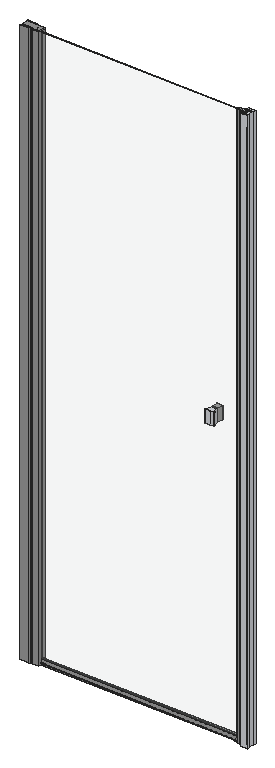
Revit family "Sanitary_Shower-screens_Duscholux_D2Swing_Pivot-door-shower", category Aparatos sanitarios, Revit 2019
Family settings
  Cota de conector redondo = Diámetro de uso
  Tipo de pieza = Normal
  Número OmniClass = 23.45.00.00
  Título OmniClass = Sanitary, Laundry, and Cleaning Equipment
  Se basa en plano de trabajo = No
  Siempre vertical = Sí
  Corte con vacíos al cargar = No
  Compartido = No
  Punto de cálculo de habitación = No
Parameters (values of type "Shiny silver Finish")
  Width = 800 mm
  URL = "http://www.duscholux.es/"
  Thickness Glass = 5 mm  # constant formula
  Technical Inspection Certificate (Applus) = "https://www.duscholux.es/es/Descargas/"
  Series = "D2"
  Ref. = "SUI / SUD"
  Products = "http://www.duscholux.es/mamparas_filtro.aspx?es"
  Opening System Image = "http://blob.duscholux.es/pluma512/FDIzq1pabatible180.gif"
  Opening System = "Pivot Door"
  Opening angle = 0.00°
  Modelo = "D2 Swing"
  Min Max Width = if(Width < 500 mm, 500 mm, if(Width > 1100 mm, 1100 mm, Width))  # 800 mm
  Max Height = if(Height > 2000 mm, 2000 mm, Height)  # 2000 mm
  Maintenance and Cleaning = "https://www.duscholux.es/es/Cuidado-y-limpieza/"
  Image = "https://www.duscholux.es/medium/D2_SWING_FD_1P_PLATA.jpg?m=7415&w=960&h=768&g=0"
  Height = 2000 mm
  Handle Material = Zamac_Duscholux Material-Chrome Finish
  Handle Height = Max Height / 2  # 1000 mm
  Glass in Building UNE EN 12150 = "CE Conformity marking"
  Glass Material = Glass_Material-Duscholux
  Frame Material = Anodized Aluminium_Duscholux Material-Shiny Silver Finish
  Fact Sheet = "https://www.duscholux.es/es/Producto/D2-Swing-Frontal-para-ducha-de-1-puerta-abatible-180%C2%BA"
  Fabricante = "Duscholux Ibérica, S.A."
  Environmental Management ISO 14001 = "ECOEMBES Certificate"
  Door aperture = Min Max Width - 53 mm - 34 mm  # 713 mm
  Descripción = "Front 1 pivot door at 180° for shower"
  Código de montaje = "C1030200"
  Configuration enclosure = "http://configuratumampara.duscholux.es/eCatalogo.aspx"
  Components = "Eropean components"
  Type Comments = ""
  Combinations = "Lateral 90° / Lateral180°"
  Certified Quality UNE EN 14428 = "http://www.duscholux.es/duscholux_downloads.aspx?es"
  Accesories Material = Plastic_Duscholux Material-Gray Finish
Types (4, lengths in mm): name | Handle Material | Frame Material | Accesories Material
  (no name) | Zamac_Duscholux Material-Chrome Finish | Anodized Aluminium_Duscholux Material-Shiny Silver Finish | Plastic_Duscholux Material-Gray Finish
  Shiny silver Finish | Zamac_Duscholux Material-Chrome Finish | Anodized Aluminium_Duscholux Material-Shiny Silver Finish | Plastic_Duscholux Material-Gray Finish
  Matte Silver Aluminium Finish | Zamac_Duscholux Material-Matte Silver Finish | Anodized Aluminium_Duscholux Material-Matte Silver Finish | Plastic_Duscholux Material-Gray Finish
  Black Aluminium Finish | Anodized Aluminium_Duscholux Material-Black Finish | Anodized Aluminium_Duscholux Material-Black Finish | Plastic_Duscholux Material-Black Finish
Reference planes
  plane 1 "Centro (Frontal/Posterior)": y = 0
  plane 2: z = 0
  plane 3 "Centro (Izquierda/Derecha)": x = 0
  plane 4: x = 52.584
  plane 5: z = 2000
  plane 6: z = 1000
  plane 7: z = 0
  plane 8: z = 8
  plane 9: z = 1996
  plane 10: z = 1992
  plane 11: x = 800
Forms (mm)
  Extrusion 1, solid, material "Glass_Material-Duscholux" <- "Glass Material"
    sketch origin (55.749, 15.3, 0) x (1, 0, 0) y (0, 1, 0)
      loop
        line (-3.164, -12.8) -> (-3.164, -17.8) -> (701.451, -17.8) -> (701.451, -12.8) -> (-3.164, -12.8)
    from 8 to 1992
  Extrusion 2, solid, material "Plástico, transparente"
    sketch origin (193.351, -62.856, 0) x (1, 0, 0) y (0, 1, 0)
      loop
        line (558.812, 65.711) -> (563.849, 65.711) -> (563.849, 60.001) -> (558.812, 60.001) -> (558.812, 59.001) -> (563.136, 59.001)
        arc (563.136, 59.001) -> (566.614, 56.681) -> (570.796, 56.63) r 7.362
        arc (570.796, 56.63) -> (571.847, 57.346) -> (572.249, 58.553) r 1.989
        line (572.249, 58.553) -> (572.249, 67.159)
        arc (572.249, 67.159) -> (571.84, 68.371) -> (570.78, 69.087) r 2
        arc (570.78, 69.087) -> (566.606, 69.031) -> (563.136, 66.711) r 7.349
        line (563.136, 66.711) -> (558.812, 66.711) -> (558.812, 65.711)
    from 0 to 1992
  Extrusion 3, solid, material "Anodized Aluminium_Duscholux Material-Shiny Silver Finish" <- "Frame Material"
    sketch origin (0, 0, 0) x (1, 0, 0) y (0, 1, 0)
      loop
        line (30.852, 19.189) -> (0, 19.189) -> (0, 10.882) -> (1.635, 10.882) -> (1.635, -11.305) -> (0, -11.305) -> (0, -13.11) -> (30.853, -13.11) -> (31.356, -11.8) -> (2.935, -11.8) -> (2.935, 11.8) -> (30.852, 11.8) -> (30.852, 19.189)
    from 0 to 1996
  Extrusion 4, solid, material "Anodized Aluminium_Duscholux Material-Shiny Silver Finish" <- "Frame Material"
    sketch origin (0, 0, 0) x (1, 0, 0) y (0, 1, 0)
      loop
        line (5.907, 11.5) -> (5.907, 3.35) -> (20.907, 3.35) -> (20.907, -3.35) -> (5.907, -3.35) -> (5.907, -11.5) -> (36.017, -11.5) -> (36.017, -10.023) -> (36.642, -10.648)
        arc (36.642, -10.648) -> (37.699, -10.929) -> (37.913, -9.857) r 0.75
        arc (37.913, -9.857) -> (34.909, 0.004) -> (37.917, 9.863) r 17.675
        arc (37.917, 9.863) -> (37.7, 10.93) -> (36.647, 10.656) r 0.75
        line (36.647, 10.656) -> (36.017, 10.026) -> (36.017, 11.5) -> (5.907, 11.5)
    from 0 to 1996
  Extrusion 5, solid, material "Anodized Aluminium_Duscholux Material-Shiny Silver Finish" <- "Frame Material"
    sketch origin (0, 0, 0) x (1, 0, 0) y (0, 1, 0)
      loop
        line (5.907, 11.5) -> (5.907, -11.501) -> (64.706, -11.501) -> (64.706, 11.5) -> (5.907, 11.5)
    from 1996 to 2000
  Extrusion 6, solid, material "Anodized Aluminium_Duscholux Material-Shiny Silver Finish" <- "Frame Material"
    sketch origin (52.584, 0, 0) x (1, 0, 0) y (0, 1, 0)
      loop
        line (12.121, 11.5) -> (-11.626, 11.499)
        arc (-11.626, 11.499) -> (-12.99, 11.171) -> (-14.056, 10.258) r 3
        arc (-14.056, 10.258) -> (-17.379, -0.001) -> (-14.056, -10.26) r 17.5
        arc (-14.056, -10.26) -> (-12.99, -11.173) -> (-11.626, -11.501) r 3
        line (-11.626, -11.501) -> (12.121, -11.501) -> (12.121, -3.348) -> (-2.879, -3.348) -> (-2.879, 3.349) -> (12.121, 3.349) -> (12.121, 11.5)
    from 0 to 1996
  Extrusion 7, solid
    sketch origin (0, 0, 0) x (1, 0, 0) y (0, 1, 0)
      loop
        line (800, 19.1) -> (775.978, 19.1) -> (775.978, 11.769) -> (797.2, 11.769) -> (797.2, -11.891) -> (775.978, -11.891) -> (775.978, -13.255) -> (800, -13.255) -> (800, -11.447) -> (798.7, -11.447) -> (798.7, 10.647) -> (800, 10.647) -> (800, 19.1)
    from 0 to 1992
  Extrusion 8, solid
    sketch origin (0, 0, 0) x (1, 0, 0) y (0, 1, 0)
      loop
        line (796.945, 11.5) -> (775.922, 11.5) -> (773.691, 10.506) -> (771.943, 6.487) -> (773.075, 6.487) -> (774.658, 9.637) -> (775.922, 10.2) -> (788.922, 10.2) -> (788.922, 3) -> (776.922, 3) -> (776.922, -3) -> (788.922, -3) -> (788.922, -10.2) -> (775.922, -10.2) -> (774.658, -9.637) -> (773.075, -6.487) -> (771.943, -6.487) -> (773.691, -10.506) -> (775.922, -11.5) -> (796.945, -11.5) -> (796.945, 11.5)
    from 0 to 1992
  Extrusion 9, solid
    sketch origin (0, 0, 0) x (1, 0, 0) y (0, 1, 0)
      loop
        line (775.01, 5.271) -> (770.092, 6.75)
        arc (770.092, 6.75) -> (766.996, 6.207) -> (765.584, 3.398) r 3.5
        line (765.584, 3.398) -> (765.584, -3.398)
        arc (765.584, -3.398) -> (766.996, -6.207) -> (770.092, -6.75) r 3.5
        line (770.092, -6.75) -> (775.01, -5.271) -> (780.851, -5.271)
        arc (780.851, -5.271) -> (781.732, -4.896) -> (782.07, -4) r 1.22
        line (782.07, -4) -> (774.584, -4) -> (774.584, 4) -> (782.07, 4)
        arc (782.07, 4) -> (781.732, 4.896) -> (780.851, 5.271) r 1.22
        line (780.851, 5.271) -> (775.01, 5.271)
    from 0 to 1992
Lines and regions (mm)
  reference lines
    curve 1: line (52.584, 0, 0) -> (765.584, 0, 0)
  symbolic lines
    curve 2: line (52.584, 0, 0) -> (52.584, 713, 0)
    curve 3: line (52.584, 0, 0) -> (52.584, -713, 0)
    curve 4: arc (52.584, 713, 0) -> (765.584, 0, 0) -> (52.584, -713, 0) r 713
Dimensions and locks
  locked: plane 3 "Centro (Izquierda/Derecha)" to plane 4 at 52.584
  "Thickness Glass": Extrusion 1 to Extrusion 1
  plane 8 to level = 8 mm
  "Max Height": plane 5 to level
  "Handle Height": plane 6 to level
  "Door aperture": curve 1 to curve 1
  locked: plane 5 to plane 9 at 4
  "Door aperture": curve 2 to curve 2
  locked: plane 5 to plane 10 at 8
  locked: plane 4 to Extrusion 5 at 12.121
  locked: nested 2 to Extrusion 2 at 85
  locked: nested 3 to Extrusion 2 at 85
  "Min Max Width": plane 3 "Centro (Izquierda/Derecha)" to plane 11
  "Opening angle": angle curve 1 to plane 1 "Centro (Frontal/Posterior)"
  aligned and locked: level to plane 2
  aligned and locked: plane 1 "Centro (Frontal/Posterior)" to curve 1
  aligned and locked: Extrusion 1 to plane 8
  aligned and locked: Extrusion 1 to Extrusion 2
  aligned and locked: Extrusion 2 to Extrusion 1
  aligned and locked: plane 9 to Extrusion 4
  aligned and locked: plane 9 to Extrusion 3
  aligned and locked: plane 5 to Extrusion 5
  aligned and locked: Extrusion 5 to plane 9
  aligned and locked: plane 9 to Extrusion 6
  aligned and locked: plane 10 to Extrusion 1
  aligned and locked: nested 2 to plane 6
  aligned and locked: plane 6 to nested 3
  aligned and locked: curve 2 to plane 4
  aligned and locked: nested 1 to Extrusion 2
  aligned and locked: plane 10 to Extrusion 7
  aligned and locked: plane 10 to Extrusion 9
  aligned and locked: plane 10 to Extrusion 8
Automatic sketch dimensions
  curve 1 to Extrusion 1 sketch curve = 0 mm
  curve 1 to Extrusion 1 sketch curve = 2.5 mm
  Extrusion 1 sketch curve to curve 1 = 8.384 mm
  Extrusion 1 sketch curve to curve 1 = 2.5 mm
  Extrusion 2 sketch curve to curve 1 = 2.855 mm
  Extrusion 2 sketch curve to curve 1 = 13.421 mm
  curve 1 to Extrusion 2 sketch curve = 3.855 mm
  Extrusion 2 sketch curve to Extrusion 2 sketch curve = 0 mm
  Extrusion 2 sketch curve to Extrusion 2 sketch curve = 4.323 mm  (x2)
  Extrusion 2 sketch curve to Extrusion 2 sketch curve = 0.714 mm
  curve 1 to Extrusion 2 sketch curve = 0.843 mm
  Extrusion 2 sketch curve to curve 1 = 3.446 mm
  Extrusion 2 sketch curve to curve 1 = 0.857 mm
  Extrusion 2 sketch curve to Extrusion 2 sketch curve = 0.004 mm
  Extrusion 2 sketch curve to curve 1 = 1.984 mm
  Extrusion 2 sketch curve to curve 1 = 1.974 mm
  curve 1 to Extrusion 2 sketch curve = 0.016 mm
  Extrusion 2 sketch curve to curve 1 = 4.303 mm  (x2)
  Extrusion 2 sketch curve to Extrusion 2 sketch curve = 0.008 mm
  Extrusion 2 sketch curve to Extrusion 2 sketch curve = 1 mm  (x2)
  Extrusion 3 sketch curve to plane 3 "Centro (Izquierda/Derecha)" = 0 mm  (x2)
  plane 3 "Centro (Izquierda/Derecha)" to Extrusion 3 sketch curve = 1.635 mm
  Extrusion 3 sketch curve to Extrusion 3 sketch curve = 1.3 mm
  plane 4 to Extrusion 3 sketch curve = 21.733 mm
  plane 4 to Extrusion 3 sketch curve = 21.731 mm
  Extrusion 3 sketch curve to Extrusion 3 sketch curve = 0.503 mm
  Extrusion 3 sketch curve to Extrusion 3 sketch curve = 1.31 mm
  Extrusion 3 sketch curve to Extrusion 3 sketch curve = 0.495 mm
  Extrusion 3 sketch curve to plane 1 "Centro (Frontal/Posterior)" = 10.882 mm
  Extrusion 3 sketch curve to plane 1 "Centro (Frontal/Posterior)" = 11.8 mm
  Extrusion 3 sketch curve to Extrusion 3 sketch curve = 7.388 mm
  plane 1 "Centro (Frontal/Posterior)" to Extrusion 4 sketch curve = 0 mm
  Extrusion 4 sketch curve to plane 4 = 0 mm
  plane 4 to Extrusion 4 sketch curve = 15.281 mm
  Extrusion 4 sketch curve to Extrusion 4 sketch curve = 0.657 mm
  Extrusion 4 sketch curve to Extrusion 4 sketch curve = 0.63 mm
  Extrusion 4 sketch curve to Extrusion 4 sketch curve = 1.285 mm
  Extrusion 4 sketch curve to plane 1 "Centro (Frontal/Posterior)" = 3.35 mm
  Extrusion 4 sketch curve to Extrusion 4 sketch curve = 15.11 mm  (x2)
  plane 3 "Centro (Izquierda/Derecha)" to Extrusion 4 sketch curve = 5.907 mm  (x2)
  Extrusion 4 sketch curve to Extrusion 4 sketch curve = 1.208 mm
  plane 1 "Centro (Frontal/Posterior)" to Extrusion 4 sketch curve = 3.35 mm
  Extrusion 4 sketch curve to plane 1 "Centro (Frontal/Posterior)" = 10.026 mm
  Extrusion 4 sketch curve to Extrusion 4 sketch curve = 0.267 mm
  Extrusion 4 sketch curve to Extrusion 4 sketch curve = 0.363 mm
  Extrusion 4 sketch curve to Extrusion 4 sketch curve = 0.844 mm
  Extrusion 4 sketch curve to Extrusion 4 sketch curve = 0.614 mm
  Extrusion 4 sketch curve to Extrusion 4 sketch curve = 0.611 mm
  Extrusion 4 sketch curve to Extrusion 4 sketch curve = 0.66 mm
  plane 3 "Centro (Izquierda/Derecha)" to Extrusion 5 sketch curve = 5.907 mm
  Extrusion 5 sketch curve to plane 4 = 12.121 mm
  Extrusion 5 sketch curve to plane 1 "Centro (Frontal/Posterior)" = 11.5 mm
  Extrusion 6 sketch curve to curve 1 = 2.879 mm
  Extrusion 6 sketch curve to curve 1 = 3.349 mm
  curve 1 to Extrusion 6 sketch curve = 12.121 mm
  curve 1 to Extrusion 6 sketch curve = 3.348 mm
  Extrusion 6 sketch curve to Extrusion 6 sketch curve = 0 mm  (x3)
  Extrusion 6 sketch curve to Extrusion 6 sketch curve = 8.153 mm
  Extrusion 6 sketch curve to curve 1 = 11.626 mm  (x2)
  Extrusion 6 sketch curve to Extrusion 6 sketch curve = 8.151 mm
  curve 1 to Extrusion 6 sketch curve = 0.001 mm
  curve 1 to Extrusion 6 sketch curve = 0.121 mm
  Extrusion 6 sketch curve to Extrusion 6 sketch curve = 3.001 mm
  Extrusion 6 sketch curve to Extrusion 6 sketch curve = 2.43 mm  (x2)
  plane 1 "Centro (Frontal/Posterior)" to Extrusion 3 sketch curve = 11.305 mm
  plane 1 "Centro (Frontal/Posterior)" to Extrusion 4 sketch curve = 11.5 mm
  Extrusion 4 sketch curve to Extrusion 4 sketch curve = 0.625 mm
  plane 1 "Centro (Frontal/Posterior)" to Extrusion 5 sketch curve = 11.501 mm
  Extrusion 7 sketch curve to plane 11 = 0 mm  (x2)
  Extrusion 7 sketch curve to plane 1 "Centro (Frontal/Posterior)" = 19.1 mm
  Extrusion 7 sketch curve to plane 11 = 24.022 mm
  Extrusion 7 sketch curve to Extrusion 7 sketch curve = 8.453 mm
  Extrusion 7 sketch curve to plane 11 = 1.3 mm
  plane 1 "Centro (Frontal/Posterior)" to Extrusion 7 sketch curve = 11.447 mm
  Extrusion 7 sketch curve to Extrusion 7 sketch curve = 1.807 mm
  Extrusion 7 sketch curve to Extrusion 7 sketch curve = 22.722 mm
  Extrusion 7 sketch curve to Extrusion 7 sketch curve = 1.364 mm
  Extrusion 7 sketch curve to Extrusion 7 sketch curve = 1.5 mm
  Extrusion 7 sketch curve to Extrusion 7 sketch curve = 1.122 mm
  Extrusion 8 sketch curve to plane 11 = 3.055 mm
  Extrusion 8 sketch curve to plane 1 "Centro (Frontal/Posterior)" = 11.5 mm
  Extrusion 8 sketch curve to Extrusion 8 sketch curve = 21.023 mm
  plane 1 "Centro (Frontal/Posterior)" to Extrusion 8 sketch curve = 11.5 mm
  Extrusion 8 sketch curve to Extrusion 8 sketch curve = 8.023 mm
  Extrusion 8 sketch curve to Extrusion 8 sketch curve = 1.3 mm
  Extrusion 8 sketch curve to Extrusion 8 sketch curve = 0 mm  (x3)
  Extrusion 8 sketch curve to plane 1 "Centro (Frontal/Posterior)" = 9.637 mm
  Extrusion 8 sketch curve to Extrusion 8 sketch curve = 1.264 mm
  Extrusion 8 sketch curve to Extrusion 8 sketch curve = 1.583 mm  (x2)
  Extrusion 8 sketch curve to plane 1 "Centro (Frontal/Posterior)" = 10.506 mm
  Extrusion 8 sketch curve to Extrusion 8 sketch curve = 0.967 mm  (x2)
  Extrusion 8 sketch curve to plane 1 "Centro (Frontal/Posterior)" = 6.487 mm
  Extrusion 8 sketch curve to Extrusion 8 sketch curve = 1.132 mm  (x2)
  plane 1 "Centro (Frontal/Posterior)" to Extrusion 8 sketch curve = 3 mm
  Extrusion 8 sketch curve to Extrusion 8 sketch curve = 3.847 mm
  Extrusion 8 sketch curve to Extrusion 8 sketch curve = 7.2 mm
  Extrusion 8 sketch curve to plane 1 "Centro (Frontal/Posterior)" = 3 mm
  Extrusion 8 sketch curve to Extrusion 8 sketch curve = 1 mm
  plane 1 "Centro (Frontal/Posterior)" to Extrusion 8 sketch curve = 10.506 mm
  Extrusion 8 sketch curve to Extrusion 8 sketch curve = 2.231 mm
  plane 1 "Centro (Frontal/Posterior)" to Extrusion 8 sketch curve = 9.637 mm
  plane 1 "Centro (Frontal/Posterior)" to Extrusion 8 sketch curve = 6.487 mm
  Extrusion 9 sketch curve to plane 1 "Centro (Frontal/Posterior)" = 5.271 mm
  Extrusion 9 sketch curve to plane 11 = 24.99 mm
  Extrusion 9 sketch curve to Extrusion 9 sketch curve = 4.918 mm  (x2)
  Extrusion 9 sketch curve to Extrusion 9 sketch curve = 5.841 mm
  Extrusion 9 sketch curve to Extrusion 9 sketch curve = 1.22 mm
  Extrusion 9 sketch curve to Extrusion 9 sketch curve = 1.219 mm  (x2)
  Extrusion 9 sketch curve to Extrusion 9 sketch curve = 0.425 mm  (x2)
  plane 1 "Centro (Frontal/Posterior)" to Extrusion 9 sketch curve = 4 mm
  Extrusion 9 sketch curve to Extrusion 9 sketch curve = 7.486 mm
  Extrusion 9 sketch curve to Extrusion 9 sketch curve = 0.051 mm
  plane 1 "Centro (Frontal/Posterior)" to Extrusion 9 sketch curve = 6.75 mm
  Extrusion 9 sketch curve to Extrusion 9 sketch curve = 1.008 mm  (x2)
  plane 1 "Centro (Frontal/Posterior)" to Extrusion 9 sketch curve = 3.398 mm
  Extrusion 9 sketch curve to plane 1 "Centro (Frontal/Posterior)" = 3.398 mm
  plane 1 "Centro (Frontal/Posterior)" to curve 3 = 0 mm
  plane 1 "Centro (Frontal/Posterior)" to curve 4 = 0 mm
  curve 1 to plane 4 = 0 mm
Nested families
  nested 1: "Lower-Guide" at (65.959, 0, 8), type "Lower-Guide", detail levels fine
    with built-in parameter 1001306 2.2513 (stored number, unit not read)
  nested 2: "Handle-ext-SWING" at (672.2, -2.5, 1000) x (1, 0, 0) z (0, -1, 0), type "Handle-ext-SWING", detail levels medium+fine
  nested 3: "Handle-int-SWING" at (672.2, 2.5, 1000) x (1, 0, 0) z (0, 1, 0), type "Handle-int-SWING", detail levels medium+fine
Definition of nested family "Lower-Guide"
  Parameters (values of type "2353MA")
    built-in parameter 1001306 [instance] = 500 mm
  Reference planes
    plane 1 "Centro (Frontal/Posterior)": y = 0
    plane 2: z = 0
    plane 3 "Izquierda": x = 0
    plane 4 "Derecha": x = 500
    plane 5: z = 0
  Forms (mm)
    Extrusion 1, solid
      sketch origin (0, 0, 0) x (0, 1, 0) y (0, 0, 1)
        loop
          line (-4.2, 0) -> (-3, 12) -> (-4.5, 12) -> (-5.692, 0.15)
          arc (-5.692, 0.15) -> (-5.345, -0.968) -> (-4.3, -1.497) r 1.5
          line (-4.3, -1.497) -> (-4.3, -5.874)
          arc (-4.3, -5.874) -> (-3.9, -6.274) -> (-3.5, -5.874) r 0.4
          line (-3.5, -5.874) -> (-3.5, -1.5) -> (3.5, -1.5) -> (3.5, -7.653)
          arc (3.5, -7.653) -> (3.9, -8.053) -> (4.3, -7.653) r 0.4
          line (4.3, -7.653) -> (4.3, -1.508) -> (5.754, -1.508) -> (11.976, -3.947)
          arc (11.976, -3.947) -> (12.62, -3.771) -> (12.515, -3.111) r 0.5
          line (12.515, -3.111) -> (9.056, -1.58)
          arc (9.056, -1.58) -> (6.398, 0.585) -> (5.211, 3.802) r 6.5
          line (5.211, 3.802) -> (4.5, 12) -> (3, 12) -> (4.2, 0) -> (-4.2, 0)
      from 0 to 500
  Lines and regions (mm)
    reference lines
      curve 1: line (0, 0, 0) -> (500, 0, 0)
  Dimensions and locks
    "built-in parameter 1001306": plane 3 "Izquierda" to plane 4 "Derecha"
    aligned and locked: plane 4 "Derecha" to curve 1
    aligned and locked: plane 1 "Centro (Frontal/Posterior)" to curve 1
    aligned and locked: plane 3 "Izquierda" to curve 1
    aligned and locked: level to plane 2
    aligned and locked: plane 4 "Derecha" to Extrusion 1
  Automatic sketch dimensions
    Extrusion 1 sketch curve to level = 0 mm  (x2)
    Extrusion 1 sketch curve to Extrusion 1 sketch curve = 0.4 mm  (x3)
    Extrusion 1 sketch curve to Extrusion 1 sketch curve = 0 mm  (x2)
    Extrusion 1 sketch curve to Extrusion 1 sketch curve = 1.5 mm  (x2)
    Extrusion 1 sketch curve to Extrusion 1 sketch curve = 1.454 mm
    Extrusion 1 sketch curve to level = 1.58 mm
    Extrusion 1 sketch curve to Extrusion 1 sketch curve = 3.301 mm
    level to Extrusion 1 sketch curve = 4.364 mm
    Extrusion 1 sketch curve to Extrusion 1 sketch curve = 2.632 mm
    Extrusion 1 sketch curve to level = 3.947 mm
    Extrusion 1 sketch curve to Extrusion 1 sketch curve = 2.921 mm
    Extrusion 1 sketch curve to Extrusion 1 sketch curve = 0.224 mm
    Extrusion 1 sketch curve to level = 3.111 mm
    Extrusion 1 sketch curve to Extrusion 1 sketch curve = 0.315 mm
    Extrusion 1 sketch curve to level = 5.874 mm
    Extrusion 1 sketch curve to Extrusion 1 sketch curve = 1.778 mm
    Extrusion 1 sketch curve to level = 1.508 mm
    Extrusion 1 sketch curve to level = 1.5 mm
    Extrusion 1 sketch curve to Extrusion 1 sketch curve = 0.003 mm
    level to Extrusion 1 sketch curve = 12 mm
    level to Extrusion 1 sketch curve = 0.15 mm
    plane 1 "Centro (Frontal/Posterior)" to Extrusion 1 sketch curve = 3 mm
    plane 1 "Centro (Frontal/Posterior)" to Extrusion 1 sketch curve = 3.5 mm
    Extrusion 1 sketch curve to Extrusion 1 sketch curve = 0.1 mm  (x2)
    Extrusion 1 sketch curve to plane 1 "Centro (Frontal/Posterior)" = 3 mm
    Extrusion 1 sketch curve to plane 1 "Centro (Frontal/Posterior)" = 3.5 mm
    Extrusion 1 sketch curve to Extrusion 1 sketch curve = 0.799 mm
    level to Extrusion 1 sketch curve = 3.802 mm
Definition of nested family "Handle-ext-SWING"
  Parameters (values of type "Handle-ext-SWING")
    Long. tirador = 43.6 mm
    Handle Material = none
    Default Elevation = 1219.2 mm
  Reference planes
    plane 1 "Centro (Frontal/Posterior)": y = 0
    plane 2: z = 0
    plane 3 "Centro (Izquierda/Derecha)": x = 0
    plane 4: y = 21.8
    plane 5: y = -21.8
    plane 6: x = -9.5
    plane 7: x = 9.5
    plane 8: z = 0
    plane 9: z = 19.911
  Forms (mm)
    Extrusion 1, solid
      sketch origin (0, 0, 0) x (1, 0, 0) y (0, 1, 0)
        loop
          line (-1219.2, 1219.2) -> (-1219.2, -1219.2) -> (1219.2, -1219.2) -> (1219.2, 1219.2) -> (-1219.2, 1219.2)
      from 0 to -304.8
    Extrusion 2, solid
      sketch origin (0, 0, 0) x (1, 0, 0) y (0, 0, 1)
        loop
          line (14.376, 19.911) -> (0, 19.911) -> (-14.376, 19.911)
          arc (-14.376, 19.911) -> (-15.225, 19.559) -> (-15.576, 18.711) r 1.2
          line (-15.576, 18.711) -> (-15.576, 17.307)
          arc (-15.576, 17.307) -> (-10.99, 9.188) -> (-9.4, 0) r 27.336
          line (-9.4, 0) -> (0, 0) -> (9.4, 0)
          arc (9.4, 0) -> (10.99, 9.188) -> (15.576, 17.307) r 27.336
          line (15.576, 17.307) -> (15.576, 18.711)
          arc (15.576, 18.711) -> (15.225, 19.559) -> (14.376, 19.911) r 1.2
      from -21.8 to 21.8
  Dimensions and locks
    equal spacing: plane 4, plane 1 "Centro (Frontal/Posterior)", plane 5
    equal spacing: plane 6, plane 3 "Centro (Izquierda/Derecha)", plane 7
    plane 6 to plane 7 = 19 mm
    "Long. tirador": plane 4 to plane 5
    locked: plane 9 to Extrusion 1 at 19.911
    aligned and locked: plane 2 to Extrusion 1
    aligned and locked: level to Extrusion 1
    aligned and locked: plane 4 to Extrusion 2
    aligned and locked: Extrusion 2 to plane 5
  Automatic sketch dimensions
    Extrusion 1 sketch curve to Extrusion 1 sketch curve = 2438.4 mm  (x2)
    Extrusion 2 sketch curve to plane 3 "Centro (Izquierda/Derecha)" = 0 mm  (x2)
    Extrusion 2 sketch curve to plane 9 = 1.2 mm  (x2)
    plane 7 to Extrusion 2 sketch curve = 4.876 mm
    Extrusion 2 sketch curve to Extrusion 2 sketch curve = 1.404 mm
    Extrusion 2 sketch curve to level = 0 mm
    plane 7 to Extrusion 2 sketch curve = 27.236 mm
    plane 6 to Extrusion 2 sketch curve = 0.1 mm
    Extrusion 2 sketch curve to plane 6 = 27.236 mm
    Extrusion 2 sketch curve to plane 9 = 2.604 mm
    Extrusion 2 sketch curve to plane 9 = 0 mm
Definition of nested family "Handle-int-SWING"
  Parameters (values of type "Handle-int-SWING")
    Long. tirador = 43.6 mm
    Handle Material = none
    Default Elevation = 1219.2 mm
  Reference planes
    plane 1 "Centro (Frontal/Posterior)": y = 0
    plane 2: z = 0
    plane 3 "Centro (Izquierda/Derecha)": x = 0
    plane 4: y = 21.8
    plane 5: y = -21.8
    plane 6: z = 0
  Forms (mm)
    Extrusion 1, solid
      sketch origin (0, 0, 0) x (1, 0, 0) y (0, 1, 0)
        loop
          line (-1219.2, 1219.2) -> (-1219.2, -1219.2) -> (1219.2, -1219.2) -> (1219.2, 1219.2) -> (-1219.2, 1219.2)
      from 0 to -304.8
    Extrusion 2, solid, material <- "Handle Material"
      sketch origin (0, 0, 0) x (1, 0, 0) y (0, 0, 1)
        loop
          arc (-9.44, 20.3) -> (-10.324, 19.916) -> (-10.647, 19.008) r 1.21
          line (-10.647, 19.008) -> (-9.356, 0) -> (9.356, 0) -> (10.647, 19.008)
          arc (10.647, 19.008) -> (10.324, 19.916) -> (9.44, 20.3) r 1.21
          line (9.44, 20.3) -> (-9.44, 20.3)
      from -21.8 to 21.8
  Dimensions and locks
    equal spacing: plane 4, plane 1 "Centro (Frontal/Posterior)", plane 5
    "Long. tirador": plane 4 to plane 5
    aligned and locked: plane 2 to Extrusion 1
    aligned and locked: level to Extrusion 1
    aligned and locked: plane 4 to Extrusion 2
    aligned and locked: Extrusion 2 to plane 5
  Automatic sketch dimensions
    Extrusion 1 sketch curve to Extrusion 1 sketch curve = 2438.4 mm  (x2)
    level to Extrusion 2 sketch curve = 19.09 mm
    Extrusion 2 sketch curve to Extrusion 2 sketch curve = 1.21 mm  (x2)
    Extrusion 2 sketch curve to level = 0 mm
    plane 3 "Centro (Izquierda/Derecha)" to Extrusion 2 sketch curve = 9.356 mm
    plane 3 "Centro (Izquierda/Derecha)" to Extrusion 2 sketch curve = 9.44 mm
    Extrusion 2 sketch curve to Extrusion 2 sketch curve = 1.207 mm  (x2)
    Extrusion 2 sketch curve to plane 3 "Centro (Izquierda/Derecha)" = 9.356 mm
    Extrusion 2 sketch curve to plane 3 "Centro (Izquierda/Derecha)" = 9.44 mm
